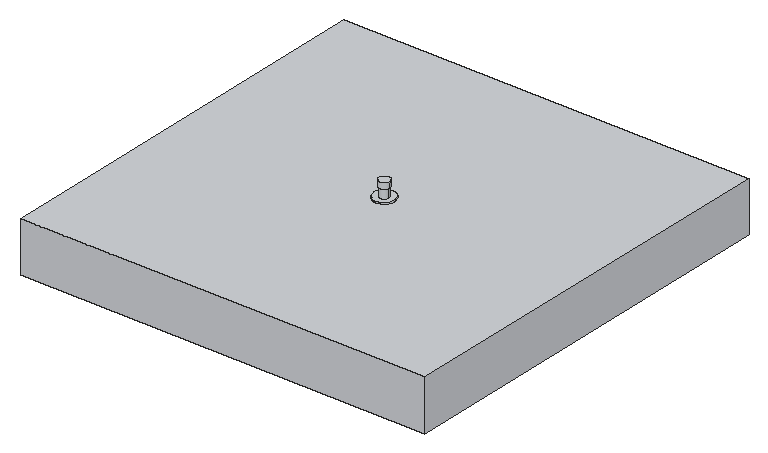
Revit family "M_Conexão de entrada do corpo de bombeiros - Simples - Placa nivelada", category Equipamento mecânico, Revit 2019
Family settings
  Hospedeiro = Face
  Cota do conector redondo = Usar raio
  Tipo de parte = Normal
  Número OmniClass = 23.65.70.17.14
  Título OmniClass = Water Fire Fighting Terminals
  ID de item do Seek = Fire Department Inlet Connection - Single - Flush Plate-0000-CAN-ENU
  Corte com vazios quando carregada = Não
  Compartilhado = Não
  Ponto de cálculo do ambiente = Não
Parameters (values of type "40 mm")
  Raio da conexão da rosca = 32.5 mm
  Diâmetro da conexão da rosca = Raio da conexão da rosca * 2  # 65 mm
  Raio da placa = 62.5 mm
  Diâmetro da placa = Raio da placa * 2  # 125 mm
  Raio nominal = 20 mm
  Diâmetro nominal = Raio nominal * 2  # 40 mm
  Raio do conector de entrada = 32.5 mm
  Diâmetro do conector de entrada = Raio do conector de entrada * 2  # 65 mm
  Material da placa de conexão de entrada = none
  Elevação-padrão = 700 mm
  Raio do corpo = 25 mm
  Diâmetro do corpo = Raio do corpo * 2  # 50 mm
  Assembly Code = ""
Types (3, lengths in mm): name | Raio da conexão da rosca | Diâmetro da conexão da rosca | Raio da placa | Diâmetro da placa | Raio nominal | Diâmetro nominal | Raio do conector de entrada | Diâmetro do conector de entrada | Raio do corpo | Diâmetro do corpo
  40 mm | 32.5 | 65 | 62.5 | 125 | 20 | 40 | 32.5 | 65 | 25 | 50
  65 mm | 40 | 80 | 100 | 200 | 32.5 | 65 | 40 | 80 | 37.5 | 75
  80 mm | 50 | 100 | 100 | 200 | 40 | 80 | 50 | 100 | 40 | 80
Reference planes
  plane 1 "Centro (Frente/Trás)": y = 0
  plane 2: z = 0
  plane 3 "Centro (Esquerda/Direita)": x = 0
  plane 4: z = 6.35
  plane 5: z = 12.7
  plane 6: z = 69.85
  plane 7: z = 101.6
  plane 8: z = 85.725
  plane 9: x = -62.5
  plane 10: x = 62.5
Forms (mm)
  Extrusion 1, solid
    sketch origin (0, 0, 0) x (1, 0, 0) y (0, 1, 0)
      loop
        line (-1219.2, 1219.2) -> (-1219.2, -1219.2) -> (1219.2, -1219.2) -> (1219.2, 1219.2) -> (-1219.2, 1219.2)
    from 0 to -304.8
  Extrusion 2, solid, material <- "Material da placa de conexão de entrada", detail levels fine
    sketch origin (0, 0, 0) x (1, 0, 0) y (0, 1, 0)
      loop
        circle (0, 0) r 32.5
    from 0 to 6.35
  Extrusion 3, solid, material <- "Material da placa de conexão de entrada", detail levels fine
    sketch origin (0, 0, 0) x (1, 0, 0) y (0, 1, 0)
      loop
        circle (0, 0) r 62.5
    from 6.35 to 12.7
  Extrusion 4, solid, material <- "Material da placa de conexão de entrada", detail levels fine
    sketch origin (0, 0, 0) x (1, 0, 0) y (0, 1, 0)
      loop
        circle (0, 0) r 25
    from 12.7 to 69.85
  Extrusion 5, solid, material <- "Material da placa de conexão de entrada", detail levels fine
    sketch origin (0, 0, 0) x (1, 0, 0) y (0, 1, 0)
      loop
        circle (0, 0) r 32.5
    from 69.85 to 101.6
Cuts and joins
  joined: Extrusion 2, Extrusion 3, Extrusion 4, Extrusion 5
Lines and regions (mm)
  model lines, detail levels coarse+medium
    curve 1: circle (0, 0, 85.725) r 15.875 normal (0, -1, 0)
    curve 2: line (0, 0, 69.85) -> (0, 0, 6.35)
    curve 3: line (-62.5, 0, 6.35) -> (62.5, 0, 6.35)
    curve 4: line (0, 0, 6.35) -> (0, 0, 0)
  symbolic lines, detail levels coarse+medium
    curve 5: circle (0, 0, 0) r 62.5 normal (0, 0, 1)
    curve 6: circle (0, 0, 85.725) r 15.875 normal (1, 0, 0)
Dimensions and locks
  locked: plane 4 to plane 2 at 6.35
  locked: plane 5 to plane 4 at 6.35
  locked: plane 6 to plane 5 at 57.15
  locked: plane 7 to plane 6 at 31.75
  equal spacing: plane 7, plane 8, plane 6
  equal spacing: plane 10, plane 3 "Centro (Esquerda/Direita)", plane 9
  "Diâmetro da placa": plane 10 to plane 9
  "Raio do conector de entrada": radius of Extrusion 2 sketch curve
  "Raio da placa": radius of Extrusion 3 sketch curve
  "Raio do corpo": radius of Extrusion 4 sketch curve
  "Raio da conexão da rosca": radius of Extrusion 5 sketch curve
  radius of curve 1 = 15.875 mm
  aligned and locked: plane 2 to Extrusion 1
  aligned and locked: level to Extrusion 1
  aligned and locked: plane 1 "Centro (Frente/Trás)" to Extrusion 2 sketch curve
  aligned and locked: plane 3 "Centro (Esquerda/Direita)" to Extrusion 2 sketch curve
  aligned and locked: Extrusion 2 to plane 2
  aligned and locked: plane 4 to Extrusion 2
  aligned and locked: plane 1 "Centro (Frente/Trás)" to Extrusion 3 sketch curve
  aligned and locked: plane 3 "Centro (Esquerda/Direita)" to Extrusion 3 sketch curve
  aligned and locked: Extrusion 3 to plane 4
  aligned and locked: plane 5 to Extrusion 3
  aligned and locked: Extrusion 4 to plane 5
  aligned and locked: plane 6 to Extrusion 4
  aligned and locked: plane 1 "Centro (Frente/Trás)" to Extrusion 5 sketch curve
  aligned and locked: plane 3 "Centro (Esquerda/Direita)" to Extrusion 5 sketch curve
  aligned and locked: Extrusion 5 to plane 6
  aligned and locked: plane 7 to Extrusion 5
  aligned and locked: plane 3 "Centro (Esquerda/Direita)" to curve 1
  aligned and locked: curve 2 to plane 3 "Centro (Esquerda/Direita)"
  aligned and locked: plane 6 to curve 2
  aligned and locked: plane 9 to curve 3
  aligned and locked: plane 10 to curve 3
  aligned and locked: curve 3 to plane 4
  aligned and locked: plane 4 to curve 4
  aligned and locked: plane 2 to curve 4
  aligned and locked: curve 4 to plane 3 "Centro (Esquerda/Direita)"
  aligned and locked: plane 1 "Centro (Frente/Trás)" to curve 5
  aligned and locked: plane 3 "Centro (Esquerda/Direita)" to curve 5
  aligned and locked: plane 8 to curve 6
  aligned and locked: plane 1 "Centro (Frente/Trás)" to curve 6
  aligned and locked: curve 1 to plane 1 "Centro (Frente/Trás)"
Automatic sketch dimensions
  Extrusion 4 sketch curve to plane 1 "Centro (Frente/Trás)" = 0 mm
  Extrusion 4 sketch curve to plane 3 "Centro (Esquerda/Direita)" = 0 mm
  Extrusion 1 sketch curve to Extrusion 1 sketch curve = 2438.4 mm  (x2)
  radius of curve 5 = 62.5 mm
  radius of curve 6 = 15.875 mm
Connectors
  piping at (0, 0, 0), diameter 40, driven by "Raio nominal"
    settings: on Extrusion 2, index 1, connector inside diameter 40 mm, connector length 0 mm, flow factor 0, pipe flow 0.0 L/s, pressure drop 0.0 Pa, fitting loss kfactor 0, connector angle 0.00°, fixture units 0, engagement length 0 mm, angle of deflection 0.00°, flow configuration 1, flow direction 2, fitting loss method 0, system type 29, joint type 0, gender type 0, connector reference index -1, connector utility 0, adjustable connector no, is connector primary yes, connector description "Saída"
